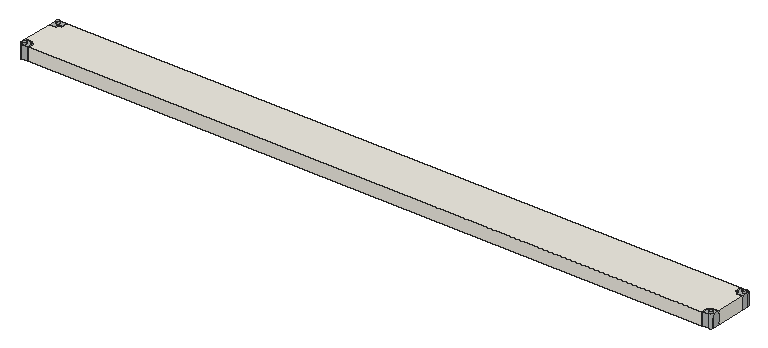
Revit family "HIGHTECH", category Осветительные приборы, Revit 2019 (continued)
Types (32, lengths in mm): name | Файл фотометрической сетки | built-in parameter 1150105 | Lumens | built-in parameter 1150106 | built-in parameter 1150142 | Wattage | Emit from Rectangle Width | Emit from Rectangle Length | Длина | Ширина | ADSK_Ток | ADSK_Полная мощность | ADSK_Обозначение | ADSK_Номинальная мощность | ADSK_Наименование | ADSK_Масса | ADSK_Код изделия
    .197 0.197 0.197 0.197 0.098 0.098 0.098 0.098 0.098 0.098 0.098 0.098 0.000 0.000 0.000 0.000 \r\n1417.637 1418.525 1416.551 1412.506 1405.994 1396.621 1384.781 1369.783 1352.419 1332.587 1311.077 1287.003 1261.053 1233.427 1203.827 1172.549 1139.497 1104.963 \r\n1069.345 1032.345 994.260 954.892 914.932 873.887 832.152 789.824 747.101 704.082 660.176 616.565 572.462 527.864 484.254 439.855 395.849 352.337 309.714 268.076 227.722 188.157 \r\n148.295 112.578 78.933 47.360 19.042 0.592 0.592 0.493 0.493 0.493 0.493 0.493 0.493 0.493 0.493 0.395 0.395 0.395 0.395 0.395 0.395 0.395 0.395 0.296 0.296 0.296 0.296 0.296 0.296 0.296 0.296 0.197 \r\n0.197 0.197 0.197 0.197 0.197 0.197 0.197 0.098 0.098 0.098 0.098 0.098 0.098 0.098 0.098 0.000 0.000 0.000 0.000 \r\n1417.637 1418.525 1416.453 1412.309 1405.796 1396.325 1384.485 1369.388 1352.024 1332.192 1310.584 1286.509 1260.560 1232.835 1203.235 1171.958 1138.905 1104.371 \r\n1068.654 1031.655 993.569 954.202 914.143 873.098 831.460 789.133 746.410 703.392 659.485 615.874 571.870 527.273 483.662 439.262 395.257 351.844 309.319 267.583 227.229 187.762 \r\n148.000 112.282 78.637 47.163 18.845 0.592 0.592 0.493 0.493 0.493 0.493 0.493 0.493 0.493 0.493 0.395 0.395 0.395 0.395 0.395 0.395 0.395 0.395 0.296 0.296 0.296 0.296 0.296 0.296 0.296 0.296 0.197 \r\n0.197 0.197 0.197 0.197 0.197 0.197 0.197 0.098 0.098 0.098 0.098 0.098 0.098 0.098 0.098 0.000 0.000 0.000 0.000 \r\n1417.637 1418.426 1416.354 1412.211 1405.501 1396.029 1384.090 1369.093 1351.629 1331.797 1310.189 1286.016 1259.968 1232.341 1202.643 1171.366 1138.214 1103.680 \r\n1068.062 1030.964 992.878 953.511 913.452 872.407 830.770 788.442 745.818 702.799 658.893 615.283 571.179 526.680 483.070 438.769 394.763 351.350 308.826 267.188 226.834 187.466 \r\n147.703 111.987 78.440 46.866 18.648 0.592 0.592 0.493 0.493 0.493 0.493 0.493 0.493 0.493 0.493 0.395 0.395 0.395 0.395 0.395 0.395 0.395 0.395 0.296 0.296 0.296 0.296 0.296 0.296 0.296 0.296 0.197 \r\n0.197 0.197 0.197 0.197 0.197 0.197 0.197 0.098 0.098 0.098 0.098 0.098 0.098 0.098 0.098 0.000 0.000 0.000 0.000 \r\n1417.637 1418.426 1416.255 1412.013 1405.303 1395.831 1383.794 1368.698 1351.234 1331.304 1309.696 1285.522 1259.474 1231.750 1202.051 1170.675 1137.622 1103.089 \r\n1067.372 1030.273 992.188 952.820 912.762 871.716 830.079 787.751 745.127 702.109 658.202 614.593 570.587 526.088 482.478 438.177 394.171 350.857 308.332 266.793 226.439 187.071 \r\n147.309 111.690 78.144 46.670 18.451 0.592 0.592 0.493 0.493 0.493 0.493 0.493 0.493 0.493 0.493 0.395 0.395 0.395 0.395 0.395 0.395 0.395 0.395 0.296 0.296 0.296 0.296 0.296 0.296 0.296 0.296 0.197 \r\n0.197 0.197 0.197 0.197 0.197 0.197 0.197 0.098 0.098 0.098 0.098 0.098 0.098 0.098 0.098 0.000 0.000 0.000 0.000 \r\n1417.637 1418.327 1416.156 1411.816 1405.106 1395.535 1383.498 1368.304 1350.839 1330.909 1309.203 1285.029 1258.981 1231.256 1201.459 1170.083 1137.030 1102.398 \r\n1066.680 1029.681 991.497 952.129 912.071 871.026 829.388 787.061 744.437 701.418 657.512 613.901 569.995 525.398 481.886 437.585 393.678 350.364 307.938 266.300 226.044 186.676 \r\n147.012 111.493 77.848 46.472 18.154 0.592 0.592 0.493 0.493 0.493 0.493 0.493 0.493 0.493 0.493 0.395 0.395 0.395 0.395 0.395 0.395 0.395 0.395 0.296 0.296 0.296 0.296 0.296 0.296 0.296 0.296 0.197 \r\n0.197 0.197 0.197 0.197 0.197 0.197 0.197 0.098 0.098 0.098 0.098 0.098 0.098 0.098 0.098 0.000 0.000 0.000 0.000 \r\n1417.637 1418.327 1416.058 1411.716 1404.810 1395.240 1383.202 1367.909 1350.445 1330.514 1308.808 1284.536 1258.488 1230.664 1200.867 1169.491 1136.339 1101.806 \r\n1066.089 1028.991 990.807 951.438 911.381 870.335 828.698 786.370 743.746 700.728 656.920 613.310 569.304 524.806 481.294 437.091 393.185 349.871 307.444 265.905 225.650 186.381 \r\n146.717 111.197 77.650 46.176 17.957 0.592 0.592 0.493 0.493 0.493 0.493 0.493 0.493 0.493 0.493 0.395 0.395 0.395 0.395 0.395 0.395 0.395 0.395 0.296 0.296 0.296 0.296 0.296 0.296 0.296 0.296 0.197 \r\n0.197 0.197 0.197 0.197 0.197 0.197 0.197 0.098 0.098 0.098 0.098 0.098 0.098 0.098 0.098 0.000 0.000 0.000 0.000 \r\n1417.637 1418.229 1415.960 1411.519 1404.613 1394.943 1382.807 1367.612 1350.051 1330.119 1308.315 1284.043 1257.896 1230.072 1200.275 1168.899 1135.748 1101.116 \r\n1065.398 1028.300 990.115 950.748 910.689 869.644 828.007 785.679 743.056 700.037 656.229 612.619 568.713 524.214 480.702 436.499 392.593 349.377 306.951 265.511 225.255 185.986 \r\n146.421 110.901 77.355 45.978 17.759 0.592 0.592 0.493 0.493 0.493 0.493 0.493 0.493 0.493 0.493 0.395 0.395 0.395 0.395 0.395 0.395 0.395 0.395 0.296 0.296 0.296 0.296 0.296 0.296 0.296 0.296 0.197 \r\n0.197 0.197 0.197 0.197 0.197 0.197 0.197 0.098 0.098 0.098 0.098 0.098 0.098 0.098 0.098 0.000 0.000 0.000 0.000 \r\n1417.637 1418.229 1415.861 1411.421 1404.415 1394.746 1382.512 1367.219 1349.656 1329.626 1307.821 1283.549 1257.403 1229.579 1199.782 1168.209 1135.155 1100.523 \r\n1064.708 1027.609 989.425 950.057 909.998 868.855 827.317 784.989 742.365 699.347 655.538 611.928 568.021 523.622 480.110 436.006 392.100 348.884 306.556 265.017 224.860 185.591 \r\n146.026 110.605 77.157 45.781 17.464 0.592 0.592 0.493 0.493 0.493 0.493 0.493 0.493 0.493 0.493 0.395 0.395 0.395 0.395 0.395 0.395 0.395 0.395 0.296 0.296 0.296 0.296 0.296 0.296 0.296 0.296 0.197 \r\n0.197 0.197 0.197 0.197 0.197 0.197 0.197 0.098 0.098 0.098 0.098 0.098 0.098 0.098 0.098 0.000 0.000 0.000 0.000 \r\n1417.637 1418.130 1415.762 1411.223 1404.218 1394.450 1382.216 1366.824 1349.261 1329.231 1307.427 1283.056 1256.910 1228.987 1199.190 1167.616 1134.563 1099.833 \r\n1064.016 1026.918 988.833 949.367 909.308 868.165 826.625 784.298 741.674 698.656 654.946 611.336 567.430 523.030 479.518 435.414 391.606 348.391 306.063 264.623 224.465 185.196 \r\n145.730 110.309 76.861 45.485 17.266 0.592 0.592 0.493 0.493 0.493 0.493 0.493 0.493 0.493 0.493 0.395 0.395 0.395 0.395 0.395 0.395 0.395 0.395 0.296 0.296 0.296 0.296 0.296 0.296 0.296 0.296 0.197 \r\n0.197 0.197 0.197 0.197 0.197 0.197 0.197 0.098 0.098 0.098 0.098 0.098 0.098 0.098 0.098 0.000 0.000 0.000 0.000 \r\n1417.637 1418.130 1415.565 1411.026 1403.922 1394.154 1381.919 1366.527 1348.866 1328.837 1306.933 1282.563 1256.416 1228.494 1198.597 1167.024 1133.873 1099.241 \r\n1063.425 1026.228 988.143 948.676 908.519 867.474 825.935 783.608 740.983 698.064 654.256 610.646 566.739 522.438 478.926 434.822 391.014 347.897 305.569 264.229 224.072 184.901 \r\n145.434 110.013 76.565 45.288 17.069 0.592 0.592 0.493 0.493 0.493 0.493 0.493 0.493 0.493 0.493 0.395 0.395 0.395 0.395 0.395 0.395 0.395 0.395 0.296 0.296 0.296 0.296 0.296 0.296 0.296 0.296 0.197 \r\n0.197 0.197 0.197 0.197 0.197 0.197 0.197 0.098 0.098 0.098 0.098 0.098 0.098 0.098 0.098 0.000 0.000 0.000 0.000 \r\n1417.637 1418.031 1415.466 1410.928 1403.725 1393.858 1381.524 1366.133 1348.472 1328.443 1306.440 1282.070 1255.824 1227.901 1198.006 1166.433 1133.280 1098.550 \r\n1062.735 1025.537 987.451 947.887 907.829 866.784 825.244 782.916 740.293 697.373 653.565 610.053 566.147 521.747 478.334 434.328 390.521 347.404 305.175 263.735 223.677 184.506 \r\n145.039 109.717 76.368 44.992 16.871 0.592 0.592 0.493 0.493 0.493 0.493 0.493 0.493 0.493 0.493 0.395 0.395 0.395 0.395 0.395 0.395 0.395 0.395 0.296 0.296 0.296 0.296 0.296 0.296 0.296 0.296 0.197 \r\n0.197 0.197 0.197 0.197 0.197 0.197 0.197 0.098 0.098 0.098 0.098 0.098 0.098 0.098 0.098 0.000 0.000 0.000 0.000 \r\n1417.637 1418.031 1415.368 1410.730 1403.527 1393.562 1381.229 1365.738 1348.077 1327.949 1306.045 1281.575 1255.331 1227.310 1197.414 1165.841 1132.689 1097.958 \r\n1062.043 1024.846 986.761 947.196 907.137 866.092 824.554 782.226 739.602 696.683 652.973 609.363 565.456 521.155 477.742 433.737 390.028 346.910 304.681 263.341 223.282 184.111 \r\n144.743 109.421 76.072 44.794 16.576 0.592 0.592 0.493 0.493 0.493 0.493 0.493 0.493 0.493 0.493 0.395 0.395 0.395 0.395 0.395 0.395 0.395 0.395 0.296 0.296 0.296 0.296 0.296 0.296 0.296 0.296 0.197 \r\n0.197 0.197 0.197 0.197 0.197 0.197 0.197 0.098 0.098 0.098 0.098 0.098 0.098 0.098 0.098 0.000 0.000 0.000 0.000 \r\n1417.637 1417.932 1415.268 1410.533 1403.232 1393.365 1380.933 1365.443 1347.682 1327.555 1305.552 1281.082 1254.837 1226.816 1196.821 1165.150 1131.998 1097.267 \r\n1061.452 1024.254 986.070 946.506 906.447 865.401 823.863 781.535 738.912 695.991 652.282 608.672 564.864 520.563 477.150 433.145 389.436 346.417 304.287 262.946 222.887 183.815 \r\n144.448 109.125 75.874 44.597 16.378 0.592 0.592 0.493 0.493 0.493 0.493 0.493 0.493 0.493 0.493 0.395 0.395 0.395 0.395 0.395 0.395 0.395 0.395 0.296 0.296 0.296 0.296 0.296 0.296 0.296 0.296 0.197 \r\n0.197 0.197 0.197 0.197 0.197 0.197 0.197 0.098 0.098 0.098 0.098 0.098 0.098 0.098 0.098 0.000 0.000 0.000 0.000 \r\n1417.637 1417.932 1415.170 1410.434 1403.034 1393.069 1380.636 1365.048 1347.287 1327.160 1305.157 1280.589 1254.344 1226.225 1196.230 1164.558 1131.406 1096.675 \r\n1060.761 1023.564 985.380 945.815 905.756 864.613 823.173 780.845 738.221 695.301 651.592 608.080 564.174 519.971 476.558 432.652 388.943 345.924 303.794 262.453 222.492 183.420 \r\n144.151 108.829 75.579 44.301 16.181 0.592 0.592 0.493 0.493 0.493 0.493 0.493 0.493 0.493 0.493 0.395 0.395 0.395 0.395 0.395 0.395 0.395 0.395 0.296 0.296 0.296 0.296 0.296 0.296 0.296 0.296 0.197 \r\n0.197 0.197 0.197 0.197 0.197 0.197 0.197 0.098 0.098 0.098 0.098 0.098 0.098 0.098 0.098 0.000 0.000 0.000 0.000 \r\n1417.637 1417.834 1415.071 1410.237 1402.837 1392.772 1380.243 1364.653 1346.892 1326.765 1304.664 1280.096 1253.752 1225.730 1195.638 1163.965 1130.814 1095.984 \r\n1060.071 1022.873 984.689 945.124 905.066 863.922 822.482 780.154 737.531 694.610 651.000 607.390 563.581 519.379 475.966 432.059 388.350 345.431 303.300 262.058 222.098 183.026 \r\n143.757 108.533 75.282 44.104 15.983 0.592 0.592 0.493 0.493 0.493 0.493 0.493 0.493 0.493 0.493 0.395 0.395 0.395 0.395 0.395 0.395 0.395 0.395 0.296 0.296 0.296 0.296 0.296 0.296 0.296 0.296 0.197 \r\n0.197 0.197 0.197 0.197 0.197 0.197 0.197 0.098 0.098 0.098 0.098 0.098 0.098 0.098 0.098 0.000 0.000 0.000 0.000 \r\n1417.637 1417.834 1414.973 1410.138 1402.541 1392.477 1379.946 1364.258 1346.499 1326.272 1304.171 1279.603 1253.259 1225.139 1195.045 1163.374 1130.123 1095.393 \r\n1059.478 1022.183 983.999 944.433 904.375 863.231 821.792 779.464 736.840 693.920 650.309 606.699 562.891 518.787 475.374 431.566 387.857 344.937 302.906 261.663 221.703 182.730 \r\n143.461 108.237 75.085 43.906 15.688 0.592 0.592 0.493 0.493 0.493 0.493 0.493 0.493 0.493 0.493 0.395 0.395 0.395 0.395 0.395 0.395 0.395 0.395 0.296 0.296 0.296 0.296 0.296 0.296 0.296 0.296 0.197 \r\n0.197 0.197 0.197 0.197 0.197 0.197 0.197 0.098 0.098 0.098 0.098 0.098 0.098 0.098 0.098 0.000 0.000 0.000 0.000 \r\n1417.637 1417.736 1414.874 1409.940 1402.344 1392.181 1379.650 1363.962 1346.104 1325.877 1303.776 1279.109 1252.766 1224.547 1194.454 1162.782 1129.531 1094.702 \r\n1058.788 1021.492 983.308 943.742 903.684 862.540 821.100 778.773 736.148 693.327 649.618 606.107 562.298 518.096 474.782 430.974 387.364 344.444 302.412 261.170 221.308 182.335 \r\n143.165 108.040 74.789 43.611 15.490 0.592 0.592 0.493 0.493 0.493 0.493 0.493 0.493 0.493 0.493 0.395 0.395 0.395 0.395 0.395 0.395 0.395 0.395 0.296 0.296 0.296 0.296 0.296 0.296 0.296 0.296 0.197 \r\n0.197 0.197 0.197 0.197 0.197 0.197 0.197 0.098 0.098 0.098 0.098 0.098 0.098 0.098 0.098 0.000 0.000 0.000 0.000 \r\n1417.637 1417.736 1414.775 1409.743 1402.146 1391.984 1379.355 1363.568 1345.709 1325.482 1303.283 1278.616 1252.272 1224.054 1193.862 1162.091 1128.940 1094.110 \r\n1058.097 1020.801 982.617 943.052 902.994 861.850 820.410 778.082 735.458 692.637 649.027 605.416 561.608 517.504 474.190 430.383 386.772 343.951 301.918 260.775 220.913 181.941 \r\n142.770 107.743 74.592 43.413 15.293 0.592 0.592 0.493 0.493 0.493 0.493 0.493 0.493 0.493 0.493 0.395 0.395 0.395 0.395 0.395 0.395 0.395 0.395 0.296 0.296 0.296 0.296 0.296 0.296 0.296 0.296 0.197 \r\n0.197 0.197 0.197 0.197 0.197 0.197 0.197 0.098 0.098 0.098 0.098 0.098 0.098 0.098 0.098 0.000 0.000 0.000 0.000 \r\n1417.637 1417.637 1414.677 1409.645 1401.851 1391.688 1378.960 1363.173 1345.314 1325.088 1302.790 1278.123 1251.680 1223.461 1193.269 1161.499 1128.249 1093.518 \r\n1057.406 1020.110 981.926 942.361 902.204 861.159 819.719 777.391 734.867 691.946 648.335 604.726 561.017 516.913 473.598 429.888 386.279 343.458 301.524 260.380 220.519 181.644 \r\n142.474 107.448 74.296 43.216 15.096 0.592 0.592 0.493 0.493 0.493 0.493 0.493 0.493 0.493 0.493 0.395 0.395 0.395 0.395 0.395 0.395 0.395 0.395 0.296 0.296 0.296 0.296 0.296 0.296 0.296 0.296 0.197 \r\n0.197 0.197 0.197 0.197 0.197 0.197 0.197 0.098 0.098 0.098 0.098 0.098 0.098 0.098 0.098 0.000 0.000 0.000 0.000 \r\n1417.637 1417.637 1414.578 1409.447 1401.653 1391.391 1378.663 1362.877 1344.920 1324.693 1302.395 1277.630 1251.187 1222.968 1192.678 1160.908 1127.657 1092.827 \r\n1056.814 1019.419 981.236 941.671 901.514 860.369 819.028 776.701 734.175 691.256 647.645 604.133 560.326 516.320 473.006 429.297 385.785 342.963 301.030 259.887 220.125 181.249 \r\n142.178 107.152 74.099 42.920 14.800 0.592 0.592 0.493 0.493 0.493 0.493 0.493 0.493 0.493 0.493 0.395 0.395 0.395 0.395 0.395 0.395 0.395 0.395 0.296 0.296 0.296 0.296 0.296 0.296 0.296 0.296 0.197 \r\n0.197 0.197 0.197 0.197 0.197 0.197 0.197 0.098 0.098 0.098 0.098 0.098 0.098 0.098 0.098 0.000 0.000 0.000 0.000 \r\n1417.637 1417.538 1414.480 1409.250 1401.456 1391.096 1378.367 1362.482 1344.525 1324.200 1301.902 1277.136 1250.693 1222.376 1192.184 1160.315 1127.064 1092.235 \r\n1056.124 1018.828 980.545 940.980 900.823 859.679 818.338 776.010 733.485 690.565 647.054 603.443 559.734 515.728 472.414 428.705 385.193 342.470 300.537 259.492 219.730 180.856 \r\n141.882 106.855 73.802 42.723 14.602 0.592 0.592 0.493 0.493 0.493 0.493 0.493 0.493 0.493 0.493 0.395 0.395 0.395 0.395 0.395 0.395 0.395 0.395 0.296 0.296 0.296 0.296 0.296 0.296 0.296 0.296 0.197 \r\n0.197 0.197 0.197 0.197 0.197 0.197 0.197 0.098 0.098 0.098 0.098 0.098 0.098 0.098 0.098 0.000 0.000 0.000 0.000 \r\n1417.637 1417.538 1414.380 1409.152 1401.258 1390.898 1378.072 1362.087 1344.130 1323.805 1301.408 1276.643 1250.200 1221.784 1191.593 1159.625 1126.374 1091.545 \r\n1055.433 1018.137 979.855 940.290 900.133 858.988 817.647 775.221 732.794 689.875 646.362 602.851 559.043 515.137 471.822 428.212 384.700 341.977 300.142 259.097 219.335 180.559 \r\n141.487 106.560 73.506 42.525 14.405 0.592 0.592 0.493 0.493 0.493 0.493 0.493 0.493 0.493 0.493 0.395 0.395 0.395 0.395 0.395 0.395 0.395 0.395 0.296 0.296 0.296 0.296 0.296 0.296 0.296 0.296 0.197 \r\n0.197 0.197 0.197 0.197 0.197 0.197 0.197 0.098 0.098 0.098 0.098 0.098 0.098 0.098 0.098 0.000 0.000 0.000 0.000 \r\n1417.637 1417.439 1414.282 1408.954 1400.963 1390.603 1377.677 1361.792 1343.735 1323.410 1301.014 1276.149 1249.608 1221.291 1191.000 1159.032 1125.782 1090.953 \r\n1054.841 1017.446 979.164 939.500 899.442 858.298 816.957 774.530 732.103 689.184 645.672 602.160 558.451 514.446 471.230 427.619 384.108 341.484 299.649 258.604 218.940 180.165 \r\n141.191 106.264 73.309 42.229 14.208 0.592 0.592 0.493 0.493 0.493 0.493 0.493 0.493 0.493 0.493 0.395 0.395 0.395 0.395 0.395 0.395 0.395 0.395 0.296 0.296 0.296 0.296 0.296 0.296 0.296 0.296 0.197 \r\n0.197 0.197 0.197 0.197 0.197 0.197 0.197 0.098 0.098 0.098 0.098 0.098 0.098 0.098 0.098 0.000 0.000 0.000 0.000 \r\n1417.637 1417.439 1414.183 1408.855 1400.765 1390.306 1377.381 1361.397 1343.341 1323.015 1300.520 1275.656 1249.114 1220.699 1190.408 1158.440 1125.190 1090.262 \r\n1054.151 1016.755 978.473 938.809 898.750 857.607 816.266 773.839 731.413 688.592 645.080 601.469 557.859 513.854 470.638 427.126 383.615 340.990 299.254 258.209 218.546 179.770 \r\n140.896 105.967 73.013 42.031 13.912 0.592 0.592 0.493 0.493 0.493 0.493 0.493 0.493 0.493 0.493 0.395 0.395 0.395 0.395 0.395 0.395 0.395 0.395 0.296 0.296 0.296 0.296 0.296 0.296 0.296 0.296 0.197 \r\n0.197 0.197 0.197 0.197 0.197 0.197 0.197 0.098 0.098 0.098 0.098 0.098 0.098 0.098 0.098 0.000 0.000 0.000 0.000 \r\n1417.637 1417.341 1414.085 1408.658 140
